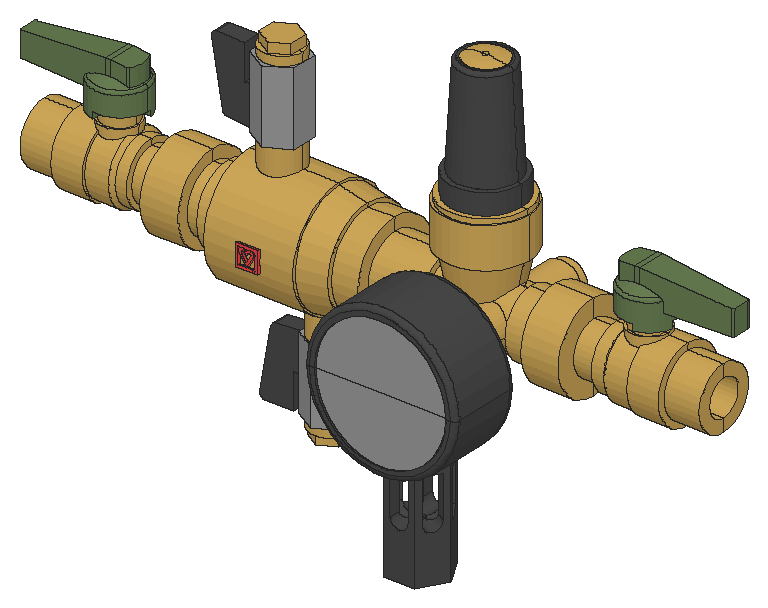
Revit family "HERZ System Separator Refilling Combination Type BA 0305", category Rohrzubehör, Revit 2019
Family settings
  Bemaßung runder Anschluss = Durchmesser verwenden
  Teiletyp = Unterbricht
  OmniClass-Nummer = 23.65.55.14
  OmniClass-Titel = Valves for Liquid Services
  Arbeitsebenenbasiert = Nein
  Immer vertikal = Ja
  Beim Laden mit Abzugskörper schneiden = Nein
  Gemeinsam genutzt = Nein
Parameters
  Note = "Pursuant to Article 33 of the REACH Regulation (EC No. 1907/2006), we are obliged to point out that the material lead is listed on the SVHC list and that all brass components manufactured in our products exceed 0.1% (w / w) lead (CAS: 7439-92-1 / EINECS: 231-100-4).\r\nSince lead is a component part of an alloy, actual exposure is not possible and therefore no additional information on safe use is necessary."
  Installation position = "horizontal"  # constant formula
  Factory pre-setting = 150000.0 Pa  # constant formula
  W02 = 80.00°  # constant formula
  W01 = 45.00°  # constant formula
  URL = "www.herzvalves.com"
  SC_NennweiteBerechnet = 0
  SC_Dimension = ""
  SCTWSEQ = "AW;SBT_TYP_AW=\"104\";2"
  SCTWCODE = "04;12;02"  # constant formula
  S08 = 65.000 mm  # constant formula
  S07 = 75.000 mm  # constant formula
  S06 = 27.000 mm  # constant formula
  S05 = 8.000 mm  # constant formula
  S04 = 20.000 mm  # constant formula
  S03 = 40.000 mm  # constant formula
  S02 [instance] = L17 + L18 + L19 + L20 + L21  # 74.900 mm
  S01 [instance] = D02 - 2.000 mm  # 13.200 mm
  R08 = 8.500 mm  # constant formula
  R07 = 31.000 mm  # constant formula
  R06 = 7.300 mm  # constant formula
  R05 = 6.500 mm  # constant formula
  R04 = 7.500 mm  # constant formula
  R03 = 8.500 mm  # constant formula
  R02 = 7.000 mm  # constant formula
  R01 = 8.000 mm  # constant formula
  Nennweite [instance] = 15.000 mm
  Medium = "Water"  # constant formula
  Max. permissible temperature (short-term) = 85 °C  # constant formula
  Max. operating temperature = 65 °C  # constant formula
  Max. operating pressure = 1000000.0 Pa  # constant formula
  L29 = 28.800 mm  # constant formula
  L28 = 85.300 mm  # constant formula
  L27 = 44.500 mm  # constant formula
  L26 = 48.500 mm  # constant formula
  L25 = 28.600 mm  # constant formula
  L24 = 10.100 mm  # constant formula
  L23 = 34.000 mm  # constant formula
  L22 = 22.000 mm  # constant formula
  L21 = 11.000 mm  # constant formula
  L20 = 12.000 mm  # constant formula
  L19 = 36.700 mm  # constant formula
  L18 = 8.700 mm  # constant formula
  L17 = 6.500 mm  # constant formula
  L16 = 70.500 mm  # constant formula
  L15 = 18.800 mm  # constant formula
  L14 = 30.000 mm  # constant formula
  L13 = 8.700 mm  # constant formula
  L12 = 4.800 mm  # constant formula
  L11 = 4.000 mm  # constant formula
  L10 = 23.300 mm  # constant formula
  L09 = 26.200 mm  # constant formula
  L08 = 15.500 mm  # constant formula
  L07 [instance] = size_lookup("0305_", "L7", 1.000 mm, Nennweite)  # 53.500 mm
  L06 [instance] = size_lookup("0305_", "L6", 1.000 mm, Nennweite)  # 30.700 mm
  L05 = 4.800 mm  # constant formula
  L04 = 10.000 mm  # constant formula
  L03 = 13.000 mm  # constant formula
  L02 [instance] = size_lookup("0305_", "L2", 1.000 mm, Nennweite)  # 14.600 mm
  L01 [instance] = size_lookup("0305_", "L1", 1.000 mm, Nennweite)  # 56.000 mm
  L00 [instance] = size_lookup("0305_", "L", 1.000 mm, Nennweite)  # 139.500 mm
  IG [instance] = Nennweite / 2  # 7.500 mm
  Hersteller = "HERZ Armaturen Ges.m.b.H."  # constant formula
  GT [instance] = size_lookup("0305_", "GT", 1.000 mm, Nennweite)  # 12.500 mm
  Sealing = "EPDM per KTW"  # constant formula
  D18 = 92.300 mm  # constant formula
  D17 = 66.500 mm  # constant formula
  D16 = 66.700 mm  # constant formula
  D15 = 12.200 mm  # constant formula
  D14 = 14.200 mm  # constant formula
  D13 = 19.200 mm  # constant formula
  D12 = 22.800 mm  # constant formula
  D11 = 23.700 mm  # constant formula
  D10 = 16.300 mm  # constant formula
  D09 = 13.500 mm  # constant formula
  D08 = 18.000 mm  # constant formula
  D07 = 22.000 mm  # constant formula
  D06 = 16.000 mm  # constant formula
  D05 = 10.600 mm  # constant formula
  D04 = 12.900 mm  # constant formula
  D03 = 14.400 mm  # constant formula
  D02 = 15.200 mm  # constant formula
  D01 [instance] = size_lookup("0305_", "D1", 1.000 mm, Nennweite)  # 12.600 mm
  Body = "brass, CW617N"  # constant formula
  Part number [instance] = if(Nennweite = 15.000 mm, "I030501", if(Nennweite = 20.000 mm, "I030502", "0"))  # "I030501"
  Output pressure = "0.5-3 bar"  # constant formula
  Application = "RPZ back flow preventers prevent the back-pressuring, back-flowing or back-suction of contaminated water into the drinking water network in accordance with EN 1717.\r\nApplication areas are all areas in which a connection is established between the drinking water network and industrial water through fixed or flexible lines.\r\nPreferred application fields are softening, de-acidification and de-carbonisation plants.\r\nFurthermore, the RPZ valves can also be used in disinfection plants or upstream of chemical cleaning apparatus, in order to prevent the back-flowing of chemically contaminated water."
Reference planes
  plane 1 "Mitte (Vorne/hinten)": y = 0
  plane 2: z = 0
  plane 3 "Mitte (Links/rechts)": x = 0
Forms (mm)
  Revolve 1, solid, material "Messing, weicher Gelbton, geschweißt", detail levels fine
    sketch origin (0, 0, 0) x (1, 0, 0) y (0, 0, 1)
      loop
        line (-127, 0) -> (-83.5, 0) -> (-83.5, 10.6) -> (-95.6, 10.6) -> (-95.6, 12.9) -> (-100.4, 12.9) -> (-101.9, 14.4) -> (-111.9, 14.4) -> (-111.9, 15.2) -> (-124.9, 15.2) -> (-124.9, 12.6) -> (-139.5, 12.6) -> (-139.5, 7.5) -> (-127, 7.5) -> (-127, 0)
      axis (-139.5, 0) -> (-83.5, 0)
    angle from 0 to 360
  Revolve 2, solid, material "Messing, weicher Gelbton, geschweißt", detail levels fine
    sketch origin (0, 0, 0) x (1, 0, 0) y (0, 0, 1)
      loop
        line (-100.8, 0) -> (-100.8, 16) -> (-101.8, 16) -> (-101.8, 22) -> (-108.8, 22) -> (-108.8, 0) -> (-100.8, 0)
      axis (-108.8, 22) -> (-108.8, 0)
    angle from 0 to 360
  Revolve 3, solid, material "Messing, weicher Gelbton, geschweißt", detail levels fine
    sketch origin (0, 0, 0) x (-1, 0, 0) y (0, 0, 1)
      loop
        line (-127, 0) -> (-83.5, 0) -> (-83.5, 10.6) -> (-95.6, 10.6) -> (-95.6, 12.9) -> (-100.4, 12.9) -> (-101.9, 14.4) -> (-111.9, 14.4) -> (-111.9, 15.2) -> (-124.9, 15.2) -> (-124.9, 12.6) -> (-139.5, 12.6) -> (-139.5, 7.5) -> (-127, 7.5) -> (-127, 0)
      axis (-139.5, 0) -> (-83.5, 0)
    angle from 0 to 360
  Revolve 4, solid, material "Messing, weicher Gelbton, geschweißt", detail levels fine
    sketch origin (0, 0, 0) x (-1, 0, 0) y (0, 0, 1)
      loop
        line (-100.8, 0) -> (-100.8, 16) -> (-101.8, 16) -> (-101.8, 22) -> (-108.8, 22) -> (-108.8, 0) -> (-100.8, 0)
      axis (-108.8, 22) -> (-108.8, 0)
    angle from 0 to 360
  Revolve 5, solid, material "Kunststoff GRÜN", detail levels fine
    sketch origin (-98.3, 0, 19.6) x (1, 0, 0) y (0, 0, 1)
      loop
        line (-10.5, 0) -> (0.9, 0) -> (0.9, 10.964)
        arc (0.9, 10.964) -> (0.673, 11.758) -> (0.059, 12.311) r 1.5
        line (0.059, 12.311) -> (-8.5, 16.5) -> (-10.5, 16.5) -> (-10.5, 0)
      axis (-10.5, 16.5) -> (-10.5, 0)
    angle from 0 to 360
  Extrusion 6, void
    sketch origin (-98.3, 0, 0) x (1, 0, 0) y (0, 1, 0)
      loop
        arc (-8.4, 11.205) -> (-18.561, 8.061) -> (-21.705, -2.1) r 11.4
        line (-21.705, -2.1) -> (-17.178, -2.1)
        arc (-17.178, -2.1) -> (-15.45, -4.95) -> (-12.6, -6.678) r 7
        line (-12.6, -6.678) -> (-12.6, -11.205)
        arc (-12.6, -11.205) -> (-2.439, -8.061) -> (0.705, 2.1) r 11.4
        line (0.705, 2.1) -> (-3.822, 2.1)
        arc (-3.822, 2.1) -> (-5.55, 4.95) -> (-8.4, 6.678) r 7
        line (-8.4, 6.678) -> (-8.4, 11.205)
    from 19.6 to 22.3
  Extrusion 7, solid, material "Kunststoff GRÜN", detail levels fine
    sketch origin (-98.3, 0, 0) x (1, 0, 0) y (0, 1, 0)
      loop
        line (-48.5, 3.242) -> (-48.5, -3.242)
        arc (-48.5, -3.242) -> (-48.281, -3.792) -> (-47.743, -4.041) r 0.8
        line (-47.743, -4.041) -> (-11.5, -5.987) -> (-9.5, -5.987) -> (-3.01, -5.535)
        arc (-3.01, -5.535) -> (-2.552, -5.387) -> (-2.216, -5.042) r 1
        arc (-2.216, -5.042) -> (-0.852, 0) -> (-2.216, 5.042) r 10
        arc (-2.216, 5.042) -> (-2.552, 5.387) -> (-3.01, 5.535) r 1
        line (-3.01, 5.535) -> (-9.5, 5.987) -> (-10.5, 5.987) -> (-11.5, 5.987) -> (-47.743, 4.041)
        arc (-47.743, 4.041) -> (-48.281, 3.792) -> (-48.5, 3.242) r 0.8
    from 26.6 to 40.1
  Extrusion 8, void
    sketch origin (-108.8, 0, 0) x (1, 0, 0) y (0, 0, 1)
      loop
        line (1, 40.1) -> (10.462, 39.272) -> (10.462, 41.682) -> (-40.279, 41.682) -> (-40.279, 36.664) -> (-1, 40.1) -> (0, 40.1) -> (1, 40.1)
    from 8 to -8
  Revolve 9, solid, material "Kunststoff GRÜN", detail levels fine
    sketch origin (98.3, 0, 19.6) x (-1, 0, 0) y (0, 0, -1)
      loop
        line (-10.5, 0) -> (-10.5, -16.5) -> (-8.5, -16.5) -> (0.059, -12.311)
        arc (0.059, -12.311) -> (0.673, -11.758) -> (0.9, -10.964) r 1.5
        line (0.9, -10.964) -> (0.9, 0) -> (-10.5, 0)
      axis (-10.5, -16.5) -> (-10.5, 0)
    angle from 0 to 360
  Extrusion 10, void
    sketch origin (98.3, 0, 0) x (-1, 0, 0) y (0, -1, 0)
      loop
        line (-8.4, -11.205) -> (-8.4, -6.678)
        arc (-8.4, -6.678) -> (-5.55, -4.95) -> (-3.822, -2.1) r 7
        line (-3.822, -2.1) -> (0.705, -2.1)
        arc (0.705, -2.1) -> (-2.439, 8.061) -> (-12.6, 11.205) r 11.4
        line (-12.6, 11.205) -> (-12.6, 6.678)
        arc (-12.6, 6.678) -> (-15.45, 4.95) -> (-17.178, 2.1) r 7
        line (-17.178, 2.1) -> (-21.705, 2.1)
        arc (-21.705, 2.1) -> (-18.561, -8.061) -> (-8.4, -11.205) r 11.4
    from 19.6 to 22.3
  Extrusion 11, solid, material "Kunststoff GRÜN", detail levels fine
    sketch origin (98.3, 0, 0) x (-1, 0, 0) y (0, -1, 0)
      loop
        arc (-48.5, -3.242) -> (-48.281, -3.792) -> (-47.743, -4.041) r 0.8
        line (-47.743, -4.041) -> (-11.5, -5.987) -> (-10.5, -5.987) -> (-9.5, -5.987) -> (-3.01, -5.535)
        arc (-3.01, -5.535) -> (-2.552, -5.387) -> (-2.216, -5.042) r 1
        arc (-2.216, -5.042) -> (-0.852, 0) -> (-2.216, 5.042) r 10
        arc (-2.216, 5.042) -> (-2.552, 5.387) -> (-3.01, 5.535) r 1
        line (-3.01, 5.535) -> (-9.5, 5.987) -> (-11.5, 5.987) -> (-47.743, 4.041)
        arc (-47.743, 4.041) -> (-48.281, 3.792) -> (-48.5, 3.242) r 0.8
        line (-48.5, 3.242) -> (-48.5, -3.242)
    from 26.6 to 40.1
  Extrusion 12, void
    sketch origin (108.8, 0, 0) x (-1, 0, 0) y (0, 0, -1)
      loop
        line (1, -40.1) -> (0, -40.1) -> (-1, -40.1) -> (-40.279, -36.664) -> (-40.279, -41.682) -> (10.462, -41.682) -> (10.462, -39.272) -> (1, -40.1)
    from 8 to -8
  Revolve 13, solid, material "Messing, weicher Gelbton, geschweißt", detail levels fine
    sketch origin (0, 0, 0) x (1, 0, 0) y (0, 0, 1)
      loop
        line (-86, 0) -> (-70.5, 0) -> (-70.5, 18) -> (-86, 18) -> (-86, 0)
      axis (-86, 0) -> (-70.5, 0)
    angle from 0 to 360
  Revolve 14, solid, material "Messing, weicher Gelbton, geschweißt", detail levels fine
    sketch origin (0, 0, 0) x (-1, 0, 0) y (0, 0, 1)
      loop
        line (-86, 0) -> (-70.5, 0) -> (-70.5, 18) -> (-86, 18) -> (-86, 0)
      axis (-86, 0) -> (-70.5, 0)
    angle from 0 to 360
  Revolve 15, solid, material "Messing, weicher Gelbton, geschweißt", detail levels fine
    sketch origin (0, 0, 0) x (1, 0, 0) y (0, 1, 0)
      loop
        line (59.2, 26.2) -> (59.2, 30.2) -> (51.7, 30.2) -> (51.7, -28.1) -> (58.2, -28.1) -> (58.2, -23.3) -> (60.2, -23.3) -> (60.2, 26.2) -> (59.2, 26.2)
      axis (51.7, 30.2) -> (51.7, -28.1)
    angle from 0 to 360
  Revolve 16, solid, material "Kunststoff - SCHWARZ", detail levels fine
    sketch origin (0, 0, 0) x (1, 0, 0) y (0, 1, 0)
      loop
        line (51.7, -28.1) -> (51.7, -64.8) -> (78.7, -64.8) -> (78.7, -66.8) -> (80.7, -66.8)
        arc (80.7, -66.8) -> (82.114, -66.214) -> (82.7, -64.8) r 2
        line (82.7, -64.8) -> (82.7, -38.8)
        arc (82.7, -38.8) -> (82.114, -37.386) -> (80.7, -36.8) r 2
        line (80.7, -36.8) -> (59, -36.8) -> (59, -28.1) -> (51.7, -28.1)
      axis (51.7, -28.1) -> (51.7, -66.8)
    angle from 0 to 360
  Revolve 17, solid, material "Messing, weicher Gelbton, geschweißt", detail levels fine
    sketch origin (0, 0, 0) x (1, 0, 0) y (0, 0, 1)
      loop
        line (-70.5, 0) -> (70.5, 0) -> (70.5, 13.5) -> (60.4, 13.5) -> (60.4, 12.2) -> (26.4, 12.2) -> (26.4, 14.2) -> (4.4, 14.2) -> (4.4, 19.2) -> (-6.6, 19.2) -> (-6.6, 20.684) -> (-18.6, 22.8) -> (-18.6, 23.7) -> (-55.3, 23.7) -> (-55.3, 16.3) -> (-64, 16.3) -> (-64, 13.5) -> (-70.5, 13.5) -> (-70.5, 0)
      axis (-70.5, 0) -> (70.5, 0)
    angle from 0 to 360
  Revolve 18, solid, material "Messing, weicher Gelbton, geschweißt", detail levels fine
    sketch origin (0, 0, 0) x (1, 0, 0) y (0, 0, 1)
      loop
        line (-41.9, 0) -> (-33.4, 0) -> (-33.4, 66.7) -> (-41.9, 66.7) -> (-41.9, 0)
      axis (-41.9, 0) -> (-41.9, 66.7)
    angle from 0 to 360
  Revolve 19, solid, material "Messing, weicher Gelbton, geschweißt", detail levels fine
    sketch origin (0, 0, 0) x (1, 0, 0) y (0, 0, -1)
      loop
        line (-22, 0) -> (-13.5, 0) -> (-13.5, 66.7) -> (-22, 66.7) -> (-22, 0)
      axis (-22, 0) -> (-22, 66.7)
    angle from 0 to 360
  Extrusion 20, solid, material "Messing, weicher Gelbton, geschweißt", detail levels fine
    sketch origin (0, 0, 0) x (1, 0, 0) y (0, 1, 0)
      loop
        line (-41.9, 7.5) -> (-48.395, 3.75) -> (-48.395, -3.75) -> (-41.9, -7.5) -> (-35.405, -3.75) -> (-35.405, 3.75) -> (-41.9, 7.5)
    from 66.7 <- "D16" to 70.7
  Extrusion 21, solid, material "Messing, weicher Gelbton, geschweißt", detail levels fine
    sketch origin (0, 0, 0) x (1, 0, 0) y (0, 1, 0)
      loop
        line (-22, 7.5) -> (-28.495, 3.75) -> (-28.495, -3.75) -> (-22, -7.5) -> (-15.505, -3.75) -> (-15.505, 3.75) -> (-22, 7.5)
    from -70.7 to -66.7
  Extrusion 22, solid, material "Aluminium 3003-H16", detail levels fine
    sketch origin (0, 0, 0) x (1, 0, 0) y (0, 1, 0)
      loop
        line (-41.9, 10.5) -> (-50.993, 5.25) -> (-50.993, -5.25) -> (-41.9, -10.5) -> (-32.807, -5.25) -> (-32.807, 5.25) -> (-41.9, 10.5)
    from 33.3 to 63.3
  Extrusion 23, solid, material "Aluminium 3003-H16", detail levels fine
    sketch origin (0, 0, 0) x (1, 0, 0) y (0, 1, 0)
      loop
        line (-22, 10.5) -> (-31.093, 5.25) -> (-31.093, -5.25) -> (-22, -10.5) -> (-12.907, -5.25) -> (-12.907, 5.25) -> (-22, 10.5)
    from -63.3 to -33.3
  Extrusion 24, solid, material "Kunststoff - SCHWARZ", detail levels fine
    sketch origin (0, 0, 0) x (1, 0, 0) y (0, 0, 1)
      loop
        line (-31.093, -33.8) -> (-41.854, -34.675)
        arc (-41.854, -34.675) -> (-43.039, -35.189) -> (-43.662, -36.321) r 2
        line (-43.662, -36.321) -> (-48.186, -61.952)
        arc (-48.186, -61.952) -> (-47.748, -63.585) -> (-46.216, -64.3) r 2
        line (-46.216, -64.3) -> (-34.4, -64.3) -> (-34.4, -49.8) -> (-22, -49.8) -> (-22, -33.8) -> (-31.093, -33.8)
    from -3.5 to 3.5
  Extrusion 25, solid, material "Kunststoff - SCHWARZ", detail levels fine
    sketch origin (-20, 0, 0) x (1, 0, 0) y (0, 0, 1)
      loop
        line (-31.093, 33.8) -> (-22, 33.8) -> (-22, 49.8) -> (-34.4, 49.8) -> (-34.4, 64.3) -> (-46.216, 64.3)
        arc (-46.216, 64.3) -> (-47.748, 63.585) -> (-48.186, 61.952) r 2
        line (-48.186, 61.952) -> (-43.662, 36.321)
        arc (-43.662, 36.321) -> (-43.039, 35.189) -> (-41.854, 34.675) r 2
        line (-41.854, 34.675) -> (-31.093, 33.8)
    from -3.5 to 3.5
  Revolve 26, solid, material "Messing, weicher Gelbton, geschweißt", detail levels fine
    sketch origin (0, 0, 0) x (1, 0, 0) y (0, 0, 1)
      loop
        line (-26, 0) -> (9.709, -35.709) -> (14.517, -30.901) -> (13.103, -29.486) -> (14.164, -28.426) -> (11.335, -25.597) -> (12.042, -24.89) -> (-19.424, 6.576) -> (-26, 0)
      axis (-26, 0) -> (9.709, -35.709)
    angle from 0 to 360
  Revolve 27, solid, material "Messing, weicher Gelbton, geschweißt", detail levels fine
    sketch origin (0, 0, 0) x (1, 0, 0) y (0, 0, 1)
      loop
        line (14.8, -48) -> (14.8, -66.5) -> (21.3, -66.5) -> (21.3, -65.5) -> (24.6, -65.5) -> (24.6, -54) -> (23.1, -54) -> (23.1, -50) -> (21.6, -50) -> (21.6, -48) -> (14.8, -48)
      axis (14.8, -48) -> (14.8, -66.5)
    angle from 0 to 360
  SweptBlend 28, solid, material "Messing, weicher Gelbton, geschweißt", detail levels fine
    path origin (0, 0, 0) x (1, 0, 0) y (0, 0, 1)
      loop
        arc (14.8, -48) -> (13.5, -41.338) -> (9.709, -35.709) r 17.079
    profile origin (14.8, 0, -48) x (-0.999973, 0, 0.007372) y (0, -1, 0)
      loop
        circle (0, 0) r 6.8
    end profile origin (9.709, 0, -35.709) x (-0.701878, 0, -0.712297) y (0, -1, 0)
      loop
        circle (0, 0) r 6.8
  Extrusion 29, solid, material "Kunststoff - SCHWARZ", detail levels fine
    sketch origin (1.983, -7.4, 0) x (0.866025, 0.5, 0) y (-0.5, 0.866025, 0)
      loop
        line (14.8, 12.5) -> (3.975, 6.25) -> (3.975, -6.25) -> (14.8, -12.5) -> (25.625, -6.25) -> (25.625, 6.25) -> (14.8, 12.5)
    from -107 to -58
  Extrusion 30, void
    sketch origin (0, 0, 0) x (1, 0, 0) y (0, 0, 1)
      loop
        line (11.05, -66.5) -> (11.05, -84.05)
        arc (11.05, -84.05) -> (14.8, -87.8) -> (18.55, -84.05) r 3.75
        line (18.55, -84.05) -> (18.55, -66.5) -> (11.05, -66.5)
    from 1 to 12
  Extrusion 31, void
    sketch origin (22.2, 12.817, 0) x (-0.5, -0.866025, 0) y (0, 0, -1)
      loop
        line (11.05, 66.5) -> (18.55, 66.5) -> (18.55, 84.05)
        arc (18.55, 84.05) -> (14.8, 87.8) -> (11.05, 84.05) r 3.75
        line (11.05, 84.05) -> (11.05, 66.5)
    from -12 to -1
  Extrusion 32, void
    sketch origin (22.2, -12.817, 0) x (-0.5, 0.866025, 0) y (0, 0, 1)
      loop
        line (11.05, -66.5) -> (11.05, -84.05)
        arc (11.05, -84.05) -> (14.8, -87.8) -> (18.55, -84.05) r 3.75
        line (18.55, -84.05) -> (18.55, -66.5) -> (11.05, -66.5)
    from -12 to -1
  Extrusion 33, void
    sketch origin (0, 0, 0) x (1, 0, 0) y (0, 0, 1)
      loop
        line (11.05, -66.5) -> (11.05, -84.05)
        arc (11.05, -84.05) -> (14.8, -87.8) -> (18.55, -84.05) r 3.75
        line (18.55, -84.05) -> (18.55, -66.5) -> (11.05, -66.5)
    from -12 to -1
  Extrusion 34, void
    sketch origin (22.2, -12.817, 0) x (-0.5, 0.866025, 0) y (0, 0, -1)
      loop
        line (11.05, 66.5) -> (18.55, 66.5) -> (18.55, 84.05)
        arc (18.55, 84.05) -> (14.8, 87.8) -> (11.05, 84.05) r 3.75
        line (11.05, 84.05) -> (11.05, 66.5)
    from -12 to -1
  Extrusion 35, void
    sketch origin (22.2, 12.817, 0) x (-0.5, -0.866025, 0) y (0, 0, 1)
      loop
        line (11.05, -66.5) -> (11.05, -84.05)
        arc (11.05, -84.05) -> (14.8, -87.8) -> (18.55, -84.05) r 3.75
        line (18.55, -84.05) -> (18.55, -66.5) -> (11.05, -66.5)
    from -12 to -1
  Extrusion 36, void
    sketch origin (0, 0, 0) x (1, 0, 0) y (0, 1, 0)
      loop
        circle (14.8, 0) r 2
    from -88.4 to -66.5
  Revolve 37, solid, material "Messing, weicher Gelbton, geschweißt", detail levels fine
    sketch origin (0, 0, 0) x (1, 0, 0) y (0, 0, 1)
      loop
        line (41.7, 0) -> (52.967, 0) -> (57.7, 22.6) -> (59.7, 22.6) -> (59.7, 39.2) -> (58.9, 39.2) -> (58.9, 41.2) -> (41.7, 41.2) -> (41.7, 0)
      axis (41.7, 41.2) -> (41.7, 0)
    angle from 0 to 360
  Revolve 38, solid, material "Kunststoff - SCHWARZ", detail levels fine
    sketch origin (0, 0, 0) x (1, 0, 0) y (0, 0, 1)
      loop
        line (41.7, 41.2) -> (56.7, 41.2) -> (56.7, 49.7) -> (54.7, 49.7) -> (52.769, 89.772)
        arc (52.769, 89.772) -> (52.305, 90.786) -> (51.271, 91.2) r 1.5
        line (51.271, 91.2) -> (41.7, 91.2) -> (41.7, 41.2)
      axis (41.7, 91.2) -> (41.7, 41.2)
    angle from 0 to 360
  Revolve 39, solid, material "Messing, weicher Gelbton, geschweißt", detail levels fine
    sketch origin (0, 0, 0) x (1, 0, 0) y (0, 0, 1)
      loop
        line (41.7, 90.224) -> (50.2, 90.224) -> (50.2, 91.262)
        arc (50.2, 91.262) -> (46.695, 92.029) -> (43.118, 92.3) r 25.716
        line (43.118, 92.3) -> (41.7, 92.3) -> (41.7, 90.224)
      axis (41.7, 92.3) -> (41.7, 90.224)
    angle from 0 to 360
  Revolve 40, solid, material "Acetalharz, Weiß", detail levels fine
    sketch origin (0, 0, 0) x (1, 0, 0) y (0, 1, 0)
      loop
        line (51.7, -64.8) -> (51.7, -66.3) -> (78.7, -66.3) -> (78.7, -64.8) -> (51.7, -64.8)
      axis (51.7, -66.3) -> (51.7, -64.8)
    angle from 0 to 360
Cuts and joins
  Extrusion 6, Extrusion 10 cuts Revolve 5
  Extrusion 8, Extrusion 12 cuts Extrusion 7
  Extrusion 10 cuts Revolve 2
  Extrusion 10 cuts Revolve 9
  Extrusion 12 cuts Extrusion 11
  Extrusion 30, Extrusion 31, Extrusion 32, Extrusion 33, Extrusion 34, Extrusion 35, Extrusion 36 cuts Revolve 27
  Extrusion 30, Extrusion 31, Extrusion 32, Extrusion 33, Extrusion 34, Extrusion 35, Extrusion 36 cuts Extrusion 29
Lines and regions (mm)
  model lines
    curve 1: line (-70.5, 0, 0) -> (4.4, 0, 0)
  model lines, detail levels coarse+medium
    curve 2: line (-139.5, 0, 15.2) -> (-139.5, 0, -15.2)
    curve 3: line (-139.5, 0, -15.2) -> (-83.5, 0, 15.2)
    curve 4: line (-83.5, 0, 15.2) -> (-83.5, 0, -15.2)
    curve 5: line (-83.5, 0, -15.2) -> (-139.5, 0, 15.2)
    curve 6: circle (-111.5, 0, 0) r 13.2 normal (0, -1, 0)
    curve 7: line (139.5, 0, 15.2) -> (139.5, 0, -15.2)
    curve 8: line (139.5, 0, -15.2) -> (83.5, 0, 15.2)
    curve 9: line (83.5, 0, 15.2) -> (83.5, 0, -15.2)
    curve 10: line (83.5, 0, -15.2) -> (139.5, 0, 15.2)
    curve 11: circle (111.5, 0, 0) r 13.2 normal (0, 1, 0)
    curve 12: line (-70.5, 0, 23.7) -> (4.4, 0, 23.7)
    curve 13: line (-70.5, 0, -23.7) -> (-70.5, 0, 23.7)
    curve 14: line (4.4, 0, -23.7) -> (-70.5, 0, -23.7)
    curve 15: line (4.4, 0, 23.7) -> (4.4, 0, -23.7)
    curve 16: line (-83.5, 0, 0) -> (-70.5, 0, 0)
    curve 17: line (-70.5, 0, 15.7) -> (-30.5, 0, 15.7)
    curve 18: line (-15.6, 0, 15.7) -> (4.4, 0, 15.7)
    curve 19: line (-70.5, 0, -15.7) -> (-30.5, 0, -15.7)
    curve 20: line (-15.6, 0, -15.7) -> (4.4, 0, -15.7)
    curve 21: line (4.4, 0, 0) -> (83.5, 0, 0)
    curve 22: circle (51.592, 0, 47) r 27 normal (0, -1, 0)
    curve 23: line (35.682, 0, 31.09) -> (67.502, 0, 62.91)
    curve 24: line (67.502, 0, 62.91) -> (67.502, 0, 52.91)
    curve 25: line (67.502, 0, 62.91) -> (57.502, 0, 62.91)
    curve 26: line (51.592, 0, 20) -> (51.592, 0, 0)
    curve 27: line (4.4, 0, -23.7) -> (4.4, 0, -75)
    curve 28: line (-8.1, 0, -65) -> (16.9, 0, -65)
    curve 29: line (-139.5, 15.2, 0) -> (-139.5, -15.2, 0)
    curve 30: line (-139.5, -15.2, 0) -> (-83.5, 15.2, 0)
    curve 31: line (-83.5, 15.2, 0) -> (-83.5, -15.2, 0)
    curve 32: line (-83.5, -15.2, 0) -> (-139.5, 15.2, 0)
    curve 33: circle (-111.5, 0, 0) r 13.2 normal (0, 0, 1)
    curve 34: line (139.5, 15.2, 0) -> (139.5, -15.2, 0)
    curve 35: line (139.5, -15.2, 0) -> (83.5, 15.2, 0)
    curve 36: line (83.5, 15.2, 0) -> (83.5, -15.2, 0)
    curve 37: line (83.5, -15.2, 0) -> (139.5, 15.2, 0)
    curve 38: circle (111.5, 0, 0) r 13.2 normal (0, 0, -1)
    curve 39: circle (41.3, 36.063, 0) r 27 normal (0, 0, 1)
    curve 40: line (25.39, 20.154, 0) -> (57.21, 51.973, 0)
    curve 41: line (57.21, 51.973, 0) -> (57.21, 41.973, 0)
    curve 42: line (57.21, 51.973, 0) -> (47.21, 51.973, 0)
    curve 43: line (41.3, 9.063, 0) -> (41.3, 0, 0)
    curve 44: line (-70.5, 23.7, 0) -> (4.4, 23.7, 0)
    curve 45: line (-70.5, -23.7, 0) -> (-70.5, 23.7, 0)
    curve 46: line (4.4, -23.7, 0) -> (-70.5, -23.7, 0)
    curve 47: line (4.4, 23.7, 0) -> (4.4, -23.7, 0)
    curve 48: line (-70.5, 15.7, 0) -> (-30.5, 15.7, 0)
    curve 49: line (4.4, 15.7, 0) -> (-15.6, 15.7, 0)
    curve 50: line (-70.5, -15.7, 0) -> (-30.5, -15.7, 0)
    curve 51: line (4.4, -15.7, 0) -> (-15.6, -15.7, 0)
    curve 52: line (4.4, -23.7, 0) -> (4.4, -75, 0)
    curve 53: line (-8.1, -65, 0) -> (16.9, -65, 0)
Dimensions and locks
  "IG": Revolve 1 sketch curve to plane 2
  "L01": Revolve 1 sketch curve to Revolve 1 sketch curve
  "L02": Revolve 1 sketch curve to Revolve 1 sketch curve
  "L03": Revolve 1 sketch curve to Revolve 1 sketch curve
  "L04": Revolve 1 sketch curve to Revolve 1 sketch curve
  "L05": Revolve 1 sketch curve to Revolve 1 sketch curve
  "D01": Revolve 1 sketch curve to plane 2
  "D02": Revolve 1 sketch curve to Revolve 1 sketch curve
  "D03": Revolve 1 sketch curve to plane 2
  "D04": Revolve 1 sketch curve to plane 2
  "D05": Revolve 1 sketch curve to plane 2
  "R01": Revolve 2 sketch curve to Revolve 2 sketch curve
  "L06": Revolve 1 to Revolve 2 sketch curve
  "D06": Revolve 2 sketch curve to plane 2
  "R02": Revolve 2 sketch curve to Revolve 2 sketch curve
  "D07": Revolve 2 sketch curve to plane 2
  "L00": plane 3 "Mitte (Links/rechts)" to Revolve 1 sketch curve
  "L01": Revolve 3 sketch curve to Revolve 3 sketch curve
  "L02": Revolve 3 sketch curve to Revolve 3 sketch curve
  "L03": Revolve 3 sketch curve to Revolve 3 sketch curve
  "L04": Revolve 3 sketch curve to Revolve 3 sketch curve
  "L05": Revolve 3 sketch curve to Revolve 3 sketch curve
  "D02": Revolve 3 sketch curve to Revolve 3 sketch curve
  "R01": Revolve 4 sketch curve to Revolve 4 sketch curve
  "L06": Revolve 3 to Revolve 4 sketch curve
  "R02": Revolve 4 sketch curve to Revolve 4 sketch curve
  "L00": plane 3 "Mitte (Links/rechts)" to Revolve 3 sketch curve
  "L06": Revolve 5 sketch curve to Revolve 1
  cut or joined group of Revolve 5, Extrusion 6, Extrusion 10 to plane 2 = 22.300 mm
  Extrusion 10 to plane 2 = 22.300 mm
  "L06": Revolve 9 sketch curve to Revolve 3
  "L07": Revolve 13 sketch curve to Revolve 1
  "L08": Revolve 13 sketch curve to Revolve 13 sketch curve
  "D08": Revolve 13 sketch curve to plane 2
  "L08": Revolve 14 sketch curve to Revolve 14 sketch curve
  "L07": Revolve 14 sketch curve to Revolve 3
  "D08": Revolve 14 sketch curve to plane 2
  "IG": Revolve 3 sketch curve to plane 2
  "D01": Revolve 3 sketch curve to plane 2
  "D05": Revolve 3 sketch curve to plane 2
  "D04": Revolve 3 sketch curve to plane 2
  "D03": Revolve 3 sketch curve to plane 2
  "D06": Revolve 4 sketch curve to plane 2
  "D07": Revolve 4 sketch curve to plane 2
  "L06": Extrusion 11 sketch curve to Revolve 3
  "L06": Revolve 1 to Extrusion 7 sketch curve
  cut or joined group of Extrusion 7, Extrusion 8, Extrusion 12 to Extrusion 7 sketch curve = 38.000 mm
  Extrusion 11 sketch curve to cut or joined group of Extrusion 11, Extrusion 12 = 38.000 mm
  "L06": Revolve 1 to Extrusion 8 sketch curve
  "L06": Extrusion 12 sketch curve to Revolve 3
  "R03": Revolve 15 sketch curve to Revolve 15 sketch curve
  "L09": plane 1 "Mitte (Vorne/hinten)" to Revolve 15 sketch curve
  "L10": Revolve 15 sketch curve to plane 1 "Mitte (Vorne/hinten)"
  "R04": Revolve 15 sketch curve to Revolve 15 sketch curve
  "L11": Revolve 15 sketch curve to Revolve 15 sketch curve
  "R05": Revolve 15 sketch curve to Revolve 15 sketch curve
  "L15": Revolve 15 sketch curve to Revolve 14
  "L12": Revolve 15 sketch curve to Revolve 15 sketch curve
  "R06": Revolve 15 sketch curve to Revolve 16 sketch curve
  "L13": Revolve 16 sketch curve to Revolve 16 sketch curve
  "R07": Revolve 15 sketch curve to Revolve 16 sketch curve
  "L14": Revolve 16 sketch curve to Revolve 16 sketch curve
  "R07": Revolve 16 sketch curve to Revolve 16 sketch curve
  Revolve 16 sketch curve to Revolve 16 sketch curve = 7.300 mm
  "GT": Revolve 1 sketch curve to Revolve 1 sketch curve
  "GT": Revolve 3 sketch curve to Revolve 3 sketch curve
  "L16": plane 3 "Mitte (Links/rechts)" to Revolve 17 sketch curve
  "L17": Revolve 17 sketch curve to Revolve 17 sketch curve
  "L18": Revolve 17 sketch curve to Revolve 17 sketch curve
  "L19": Revolve 17 sketch curve to Revolve 17 sketch curve
  "L20": Revolve 17 sketch curve to Revolve 17 sketch curve
  "L21": Revolve 17 sketch curve to Revolve 17 sketch curve
  "L22": Revolve 17 sketch curve to Revolve 17 sketch curve
  "L23": Revolve 17 sketch curve to Revolve 17 sketch curve
  "L24": Revolve 17 sketch curve to Revolve 17 sketch curve
  "D09": Revolve 17 sketch curve to plane 2  (x2)
  "D10": Revolve 17 sketch curve to plane 2
  "D11": Revolve 17 sketch curve to plane 2
  "D15": Revolve 17 sketch curve to plane 2
  "D14": Revolve 17 sketch curve to plane 2
  "D13": Revolve 17 sketch curve to plane 2
  "D12": Revolve 17 sketch curve to plane 2
  "L06": Revolve 1 to Extrusion 6 sketch curve
  "L06": Extrusion 10 sketch curve to Revolve 3
  "L25": Revolve 13 to Revolve 18 sketch curve
  "R08": Revolve 18 sketch curve to Revolve 18 sketch curve
  "D16": Revolve 18 sketch curve to plane 2
  "R08": Revolve 19 sketch curve to Revolve 19 sketch curve
  "L26": Revolve 13 to Revolve 19 sketch curve
  "D16": plane 2 to Revolve 19 sketch curve
  "L25": Revolve 13 to Extrusion 20 sketch curve
  "L26": Revolve 13 to Extrusion 21 sketch curve
  "L25": Revolve 13 to Extrusion 22 sketch curve
  "L26": Revolve 13 to Extrusion 23 sketch curve
  "L27": Revolve 13 to Revolve 26 sketch curve
  "L28": Revolve 13 to Revolve 27 sketch curve
  "L29": Revolve 37 sketch curve to Revolve 14
  "D18": Revolve 39 sketch curve to plane 2
  Revolve 37 sketch curve to Revolve 37 sketch curve = 11.267 mm
  "D11": nested 1 to plane 1 "Mitte (Vorne/hinten)"
  "D02": curve 5 to plane 2 to curve 3
  "D02": curve 4 to plane 2 to curve 5
  "L00": plane 3 "Mitte (Links/rechts)" to curve 2
  "L01": curve 2 to curve 4
  "D02": curve 10 to plane 2 to curve 8
  "D02": curve 9 to plane 2 to curve 10
  "L00": curve 7 to plane 3 "Mitte (Links/rechts)"
  "L01": curve 9 to curve 7
  "L16": plane 3 "Mitte (Links/rechts)" to curve 13
  "S02": curve 15 to curve 13
  "D11": curve 12 to plane 2 to curve 14
  "S05": curve 19 to curve 14
  "S05": curve 12 to curve 17
  "S05": curve 12 to curve 18
  "S05": curve 20 to curve 14
  "S04": curve 18 to curve 15
  "S03": curve 17 to curve 13
  "S03": curve 19 to curve 13
  "S04": curve 20 to curve 15
  "S07": plane 2 to curve 27
  "S08": plane 2 to curve 28
  "L00": curve 29 to plane 3 "Mitte (Links/rechts)"
  "L01": curve 29 to curve 31
  "D02": curve 30 to plane 1 "Mitte (Vorne/hinten)" to curve 32
  "D02": curve 32 to plane 1 "Mitte (Vorne/hinten)" to curve 31
  equal spacing: curve 29, curve 33, curve 31
  equal spacing: curve 2, curve 6, curve 4
  equal spacing: curve 9, curve 11, curve 7
  "L01": curve 34 to curve 36
  "D02": curve 35 to plane 1 "Mitte (Vorne/hinten)" to curve 37
  "D02": curve 37 to plane 1 "Mitte (Vorne/hinten)" to curve 36
  equal spacing: curve 34, curve 38, curve 36
  "L00": plane 3 "Mitte (Links/rechts)" to curve 34
  "L16": curve 45 to plane 3 "Mitte (Links/rechts)"
  "S02": curve 45 to curve 47
  "D11": curve 46 to plane 1 "Mitte (Vorne/hinten)" to curve 44
  "S05": curve 48 to curve 44
  "S05": curve 44 to curve 49
  "S05": curve 51 to curve 46
  "S05": curve 46 to curve 50
  "S03": curve 45 to curve 48
  "S04": curve 49 to curve 47
  "S04": curve 51 to curve 47
  "S03": curve 45 to curve 50
  "S07": curve 52 to plane 1 "Mitte (Vorne/hinten)"
  "S08": curve 53 to plane 1 "Mitte (Vorne/hinten)"
  radius of cut or joined group of Extrusion 7, Extrusion 8, Extrusion 12 = 10.000 mm
  radius of cut or joined group of Extrusion 11, Extrusion 12 = 10.000 mm
  "S01": radius of curve 6
  "S01": radius of curve 11
  "S06": radius of curve 22
  "S01": radius of curve 33
  "S01": radius of curve 38
  "S06": radius of curve 39
  "W01": angle Revolve 1 sketch curve to Revolve 1 sketch curve
  "W01": angle Revolve 3 sketch curve to Revolve 3 sketch curve
  "W02": angle Revolve 17 sketch curve to Revolve 17 sketch curve
  "W01": angle Revolve 26 sketch curve to plane 2
  "W01": angle curve 23 to curve 24
  "W01": angle curve 25 to curve 23
  "W01": angle curve 40 to curve 41
  "W01": angle curve 42 to curve 40
  aligned and locked: level to plane 2
Automatic sketch dimensions
  Extrusion 24 sketch curve to plane 3 "Mitte (Links/rechts)" = 48.186 mm
  Extrusion 24 sketch curve to Extrusion 24 sketch curve = 1.970 mm  (x2)
  Extrusion 24 sketch curve to Extrusion 24 sketch curve = 4.524 mm
  Extrusion 24 sketch curve to Extrusion 24 sketch curve = 1.807 mm
  Extrusion 24 sketch curve to Extrusion 24 sketch curve = 7.292 mm
  Extrusion 24 sketch curve to Extrusion 24 sketch curve = 10.761 mm
  Extrusion 24 sketch curve to Extrusion 24 sketch curve = 12.400 mm
  Extrusion 24 sketch curve to level = 64.300 mm
  Extrusion 24 sketch curve to Extrusion 24 sketch curve = 2.000 mm
  Extrusion 24 sketch curve to Extrusion 24 sketch curve = 14.500 mm
  Extrusion 24 sketch curve to Extrusion 24 sketch curve = 13.132 mm
  Extrusion 24 sketch curve to Extrusion 24 sketch curve = 0.348 mm
  Extrusion 24 sketch curve to Extrusion 24 sketch curve = 0.875 mm
  plane 3 "Mitte (Links/rechts)" to Extrusion 25 sketch curve = 68.186 mm
  Extrusion 25 sketch curve to Extrusion 25 sketch curve = 1.970 mm  (x2)
  Extrusion 25 sketch curve to Extrusion 25 sketch curve = 4.524 mm
  Extrusion 25 sketch curve to level = 34.675 mm
  Extrusion 25 sketch curve to Extrusion 25 sketch curve = 1.807 mm
  Extrusion 25 sketch curve to Extrusion 25 sketch curve = 7.292 mm
  Extrusion 25 sketch curve to Extrusion 25 sketch curve = 10.761 mm
  Extrusion 25 sketch curve to Extrusion 25 sketch curve = 12.400 mm
  Extrusion 25 sketch curve to Extrusion 25 sketch curve = 1.646 mm
  Extrusion 25 sketch curve to Extrusion 25 sketch curve = 13.132 mm
  Extrusion 25 sketch curve to Extrusion 25 sketch curve = 12.152 mm
  Extrusion 25 sketch curve to Extrusion 25 sketch curve = 0.348 mm
  Extrusion 25 sketch curve to Extrusion 25 sketch curve = 0.875 mm
  SweptBlend 28 sketch curve to plane 3 "Mitte (Links/rechts)" = 2.278 mm
  SweptBlend 28 sketch curve to level = 47.874 mm
  plane 3 "Mitte (Links/rechts)" to SweptBlend 28 sketch curve = 9.709 mm
  SweptBlend 28 sketch curve to SweptBlend 28 sketch curve = 5.091 mm
  SweptBlend 28 sketch curve to SweptBlend 28 sketch curve = 0.126 mm
  plane 1 "Mitte (Vorne/hinten)" to SweptBlend 28 sketch curve = 0.000 mm  (x2)
  SweptBlend 28 sketch curve to profile plane = 0.000 mm  (x2)
  plane 1 "Mitte (Vorne/hinten)" to Extrusion 29 sketch curve = 0.000 mm  (x2)
  plane 3 "Mitte (Links/rechts)" to Extrusion 29 sketch curve = 2.300 mm
  Extrusion 29 sketch curve to Extrusion 29 sketch curve = 10.825 mm  (x3)
  Extrusion 29 sketch curve to Extrusion 29 sketch curve = 12.500 mm  (x2)
  Extrusion 29 sketch curve to Extrusion 29 sketch curve = 6.250 mm  (x2)
  plane 3 "Mitte (Links/rechts)" to Extrusion 30 sketch curve = 11.050 mm
  Extrusion 30 sketch curve to Extrusion 30 sketch curve = 3.750 mm
  Extrusion 30 sketch curve to level = 84.050 mm
  Extrusion 30 sketch curve to Extrusion 30 sketch curve = 17.550 mm
  Extrusion 30 sketch curve to Extrusion 30 sketch curve = 0.000 mm
  Extrusion 31 sketch curve to level = 66.500 mm
  Extrusion 31 sketch curve to Extrusion 31 sketch curve = 3.750 mm
  Extrusion 31 sketch curve to Extrusion 31 sketch curve = 17.550 mm
  Extrusion 31 sketch curve to Extrusion 31 sketch curve = 0.000 mm
  Extrusion 32 sketch curve to level = 66.500 mm
  Extrusion 32 sketch curve to Extrusion 32 sketch curve = 3.750 mm
  Extrusion 32 sketch curve to Extrusion 32 sketch curve = 17.550 mm
  Extrusion 32 sketch curve to Extrusion 32 sketch curve = 0.000 mm
  plane 3 "Mitte (Links/rechts)" to Extrusion 33 sketch curve = 11.050 mm
  Extrusion 33 sketch curve to Extrusion 33 sketch curve = 3.750 mm
  Extrusion 33 sketch curve to level = 84.050 mm
  Extrusion 33 sketch curve to Extrusion 33 sketch curve = 17.550 mm
  Extrusion 33 sketch curve to Extrusion 33 sketch curve = 0.000 mm
  Extrusion 34 sketch curve to level = 66.500 mm
  Extrusion 34 sketch curve to Extrusion 34 sketch curve = 3.750 mm
  Extrusion 34 sketch curve to Extrusion 34 sketch curve = 17.550 mm
  Extrusion 34 sketch curve to Extrusion 34 sketch curve = 0.000 mm
  Extrusion 35 sketch curve to level = 66.500 mm
  Extrusion 35 sketch curve to Extrusion 35 sketch curve = 3.750 mm
  Extrusion 35 sketch curve to Extrusion 35 sketch curve = 17.550 mm
  Extrusion 35 sketch curve to Extrusion 35 sketch curve = 0.000 mm
  plane 1 "Mitte (Vorne/hinten)" to Extrusion 36 sketch curve = 0.000 mm
  plane 3 "Mitte (Links/rechts)" to Extrusion 36 sketch curve = 14.800 mm
  plane 3 "Mitte (Links/rechts)" to Revolve 38 sketch curve = 41.700 mm
  Revolve 38 sketch curve to Revolve 38 sketch curve = 9.571 mm
  Revolve 38 sketch curve to Revolve 38 sketch curve = 1.498 mm
  Revolve 38 sketch curve to Revolve 38 sketch curve = 13.000 mm
  Revolve 38 sketch curve to Revolve 38 sketch curve = 2.000 mm
  level to Revolve 38 sketch curve = 41.200 mm
  Revolve 38 sketch curve to Revolve 38 sketch curve = 8.500 mm
  Revolve 38 sketch curve to Revolve 38 sketch curve = 40.000 mm
  Revolve 38 sketch curve to Revolve 38 sketch curve = 0.072 mm
  Revolve 38 sketch curve to Revolve 38 sketch curve = 0.000 mm  (x3)
  plane 3 "Mitte (Links/rechts)" to Revolve 40 sketch curve = 51.700 mm
  Revolve 40 sketch curve to Revolve 40 sketch curve = 27.000 mm
  plane 1 "Mitte (Vorne/hinten)" to Revolve 40 sketch curve = 66.300 mm
  Revolve 40 sketch curve to Revolve 40 sketch curve = 1.500 mm
  Revolve 40 sketch curve to Revolve 40 sketch curve = 0.000 mm  (x3)
  curve 26 to level = 0.000 mm
  curve 11 to level = 0.000 mm
  curve 6 to level = 0.000 mm
  curve 16 to level = 0.000 mm
  curve 28 to plane 3 "Mitte (Links/rechts)" = 8.100 mm
  curve 27 to curve 28 = 12.500 mm
  curve 26 to curve 8 = 31.908 mm
  level to curve 26 = 20.000 mm
  plane 1 "Mitte (Vorne/hinten)" to curve 43 = 0.000 mm
  plane 1 "Mitte (Vorne/hinten)" to curve 1 = 0.000 mm
  plane 1 "Mitte (Vorne/hinten)" to curve 33 = 0.000 mm
  plane 1 "Mitte (Vorne/hinten)" to curve 38 = 0.000 mm
  curve 44 to curve 39 = 36.900 mm
  curve 39 to curve 40 = 15.910 mm
  curve 39 to plane 1 "Mitte (Vorne/hinten)" = 36.063 mm
  curve 39 to curve 41 = 15.910 mm
  curve 53 to plane 3 "Mitte (Links/rechts)" = 8.100 mm
  curve 52 to curve 53 = 12.500 mm
  curve 40 to curve 43 = 15.910 mm
  Revolve 1 sketch curve to level = 0.000 mm  (x2)
  Revolve 1 sketch curve to Revolve 1 sketch curve = 1236.530 mm
  plane 3 "Mitte (Links/rechts)" to Revolve 1 sketch curve = 1839.148 mm
  Revolve 2 sketch curve to level = 0.000 mm  (x2)
  Revolve 2 sketch curve to Revolve 2 sketch curve = 0.000 mm
  Revolve 2 sketch curve to Revolve 2 sketch curve = 6.000 mm
  Revolve 3 sketch curve to level = 0.000 mm  (x2)
  Revolve 3 sketch curve to Revolve 3 sketch curve = 1236.530 mm
  plane 3 "Mitte (Links/rechts)" to Revolve 3 sketch curve = 1839.148 mm
  Revolve 4 sketch curve to level = 0.000 mm  (x2)
  Revolve 4 sketch curve to Revolve 4 sketch curve = 0.000 mm
  Revolve 4 sketch curve to Revolve 4 sketch curve = 6.000 mm
  Revolve 5 sketch curve to Revolve 5 sketch curve = 2.000 mm
  Revolve 5 sketch curve to Revolve 5 sketch curve = 7.900 mm
  level to Revolve 5 sketch curve = 31.911 mm
  Revolve 5 sketch curve to Revolve 5 sketch curve = 0.659 mm
  Revolve 5 sketch curve to Revolve 5 sketch curve = 1.500 mm
  Revolve 5 sketch curve to Revolve 5 sketch curve = 10.964 mm
  Revolve 5 sketch curve to Revolve 5 sketch curve = 5.536 mm
  Revolve 5 sketch curve to Revolve 5 sketch curve = 0.000 mm  (x3)
  Extrusion 6 sketch curve to Extrusion 6 sketch curve = 0.000 mm  (x6)
  plane 1 "Mitte (Vorne/hinten)" to Extrusion 6 sketch curve = 0.000 mm
  Extrusion 6 sketch curve to Extrusion 6 sketch curve = 2.100 mm
  plane 1 "Mitte (Vorne/hinten)" to Extrusion 6 sketch curve = 2.100 mm
  Extrusion 6 sketch curve to Extrusion 6 sketch curve = 4.578 mm  (x2)
  Extrusion 6 sketch curve to Extrusion 6 sketch curve = 4.527 mm  (x2)
  Extrusion 6 sketch curve to plane 1 "Mitte (Vorne/hinten)" = 11.205 mm
  Extrusion 6 sketch curve to plane 1 "Mitte (Vorne/hinten)" = 2.100 mm
  plane 1 "Mitte (Vorne/hinten)" to Extrusion 7 sketch curve = 0.000 mm
  Extrusion 7 sketch curve to Extrusion 7 sketch curve = 0.352 mm
  Extrusion 7 sketch curve to Extrusion 7 sketch curve = 1.000 mm  (x2)
  plane 1 "Mitte (Vorne/hinten)" to Extrusion 7 sketch curve = 5.987 mm
  Extrusion 7 sketch curve to Extrusion 7 sketch curve = 0.648 mm
  plane 1 "Mitte (Vorne/hinten)" to Extrusion 7 sketch curve = 3.242 mm
  Extrusion 7 sketch curve to Extrusion 7 sketch curve = 36.200 mm
  Extrusion 7 sketch curve to plane 1 "Mitte (Vorne/hinten)" = 3.242 mm
  Extrusion 7 sketch curve to Extrusion 7 sketch curve = 0.000 mm  (x2)
  plane 1 "Mitte (Vorne/hinten)" to Extrusion 7 sketch curve = 4.041 mm
  Extrusion 7 sketch curve to Extrusion 7 sketch curve = 0.043 mm
  Extrusion 7 sketch curve to plane 1 "Mitte (Vorne/hinten)" = 4.041 mm
  Extrusion 7 sketch curve to Extrusion 7 sketch curve = 2.000 mm
  Extrusion 7 sketch curve to plane 1 "Mitte (Vorne/hinten)" = 5.987 mm
  Extrusion 7 sketch curve to Extrusion 7 sketch curve = 6.421 mm  (x2)
  plane 1 "Mitte (Vorne/hinten)" to Extrusion 7 sketch curve = 5.535 mm
  Extrusion 7 sketch curve to Extrusion 7 sketch curve = 0.069 mm  (x2)
  Extrusion 7 sketch curve to plane 1 "Mitte (Vorne/hinten)" = 5.535 mm
  Extrusion 7 sketch curve to Extrusion 7 sketch curve = 0.998 mm  (x2)
  level to Extrusion 8 sketch curve = 40.100 mm
  Extrusion 8 sketch curve to Extrusion 8 sketch curve = 1.000 mm  (x2)
  Extrusion 8 sketch curve to Extrusion 8 sketch curve = 39.279 mm
  level to Extrusion 8 sketch curve = 39.272 mm
  Extrusion 8 sketch curve to Extrusion 8 sketch curve = 9.462 mm
  level to Extrusion 8 sketch curve = 36.664 mm
  Extrusion 8 sketch curve to Extrusion 8 sketch curve = 2.410 mm
  Revolve 9 sketch curve to Revolve 9 sketch curve = 2.000 mm
  Revolve 9 sketch curve to Revolve 9 sketch curve = 7.900 mm
  level to Revolve 9 sketch curve = 31.911 mm
  Revolve 9 sketch curve to Revolve 9 sketch curve = 0.659 mm
  Revolve 9 sketch curve to Revolve 9 sketch curve = 1.500 mm
  Revolve 9 sketch curve to Revolve 9 sketch curve = 4.189 mm
  Revolve 9 sketch curve to Revolve 9 sketch curve = 10.964 mm
  Revolve 9 sketch curve to Revolve 9 sketch curve = 0.000 mm  (x3)
  Extrusion 10 sketch curve to Extrusion 10 sketch curve = 0.000 mm  (x6)
  plane 1 "Mitte (Vorne/hinten)" to Extrusion 10 sketch curve = 0.000 mm
  Extrusion 10 sketch curve to Extrusion 10 sketch curve = 2.100 mm
  Extrusion 10 sketch curve to plane 1 "Mitte (Vorne/hinten)" = 2.100 mm
  Extrusion 10 sketch curve to Extrusion 10 sketch curve = 4.578 mm  (x2)
  Extrusion 10 sketch curve to Extrusion 10 sketch curve = 4.527 mm  (x2)
  plane 1 "Mitte (Vorne/hinten)" to Extrusion 10 sketch curve = 11.205 mm
  plane 1 "Mitte (Vorne/hinten)" to Extrusion 10 sketch curve = 2.100 mm
  plane 1 "Mitte (Vorne/hinten)" to Extrusion 11 sketch curve = 0.000 mm
  Extrusion 11 sketch curve to Extrusion 11 sketch curve = 0.352 mm
  Extrusion 11 sketch curve to Extrusion 11 sketch curve = 1.000 mm  (x2)
  Extrusion 11 sketch curve to plane 1 "Mitte (Vorne/hinten)" = 5.987 mm
  Extrusion 11 sketch curve to Extrusion 11 sketch curve = 0.648 mm
  Extrusion 11 sketch curve to plane 1 "Mitte (Vorne/hinten)" = 3.242 mm
  Extrusion 11 sketch curve to Extrusion 11 sketch curve = 36.200 mm
  plane 1 "Mitte (Vorne/hinten)" to Extrusion 11 sketch curve = 3.242 mm
  Extrusion 11 sketch curve to Extrusion 11 sketch curve = 0.000 mm  (x2)
  Extrusion 11 sketch curve to plane 1 "Mitte (Vorne/hinten)" = 4.041 mm
  Extrusion 11 sketch curve to Extrusion 11 sketch curve = 0.043 mm
  plane 1 "Mitte (Vorne/hinten)" to Extrusion 11 sketch curve = 4.041 mm
  Extrusion 11 sketch curve to Extrusion 11 sketch curve = 2.000 mm
  plane 1 "Mitte (Vorne/hinten)" to Extrusion 11 sketch curve = 5.987 mm
  Extrusion 11 sketch curve to Extrusion 11 sketch curve = 6.421 mm  (x2)
  Extrusion 11 sketch curve to plane 1 "Mitte (Vorne/hinten)" = 5.535 mm
  Extrusion 11 sketch curve to Extrusion 11 sketch curve = 0.069 mm  (x2)
  plane 1 "Mitte (Vorne/hinten)" to Extrusion 11 sketch curve = 5.535 mm
  Extrusion 11 sketch curve to Extrusion 11 sketch curve = 0.998 mm  (x2)
  Extrusion 12 sketch curve to level = 40.100 mm
  Extrusion 12 sketch curve to Extrusion 12 sketch curve = 1.000 mm  (x2)
  Extrusion 12 sketch curve to Extrusion 12 sketch curve = 39.279 mm
  Extrusion 12 sketch curve to level = 39.272 mm
  Extrusion 12 sketch curve to Extrusion 12 sketch curve = 9.462 mm
  Extrusion 12 sketch curve to level = 36.664 mm
  Extrusion 12 sketch curve to Extrusion 12 sketch curve = 2.410 mm
  Revolve 13 sketch curve to level = 0.000 mm  (x2)
  Revolve 13 sketch curve to Revolve 13 sketch curve = 1431.030 mm
  plane 3 "Mitte (Links/rechts)" to Revolve 13 sketch curve = 1839.148 mm
  Revolve 14 sketch curve to level = 0.000 mm  (x2)
  Revolve 14 sketch curve to Revolve 14 sketch curve = 1431.030 mm
  plane 3 "Mitte (Links/rechts)" to Revolve 14 sketch curve = 1839.148 mm
  Revolve 15 sketch curve to Revolve 15 sketch curve = 0.000 mm  (x3)
  Revolve 16 sketch curve to Revolve 16 sketch curve = 4.000 mm
  Revolve 16 sketch curve to Revolve 16 sketch curve = 2.000 mm  (x4)
  plane 1 "Mitte (Vorne/hinten)" to Revolve 16 sketch curve = 66.800 mm
  Revolve 16 sketch curve to Revolve 16 sketch curve = 0.000 mm  (x2)
  Revolve 17 sketch curve to level = 0.000 mm  (x2)
  Revolve 17 sketch curve to Revolve 17 sketch curve = 1436.030 mm
  Revolve 17 sketch curve to Revolve 17 sketch curve = 1768.648 mm
  Revolve 18 sketch curve to level = 0.000 mm  (x2)
  Revolve 18 sketch curve to Revolve 18 sketch curve = 0.000 mm  (x2)
  Revolve 19 sketch curve to level = 0.000 mm  (x2)
  Revolve 19 sketch curve to Revolve 19 sketch curve = 0.000 mm  (x2)
  plane 1 "Mitte (Vorne/hinten)" to Extrusion 20 sketch curve = 3.750 mm  (x2)
  Extrusion 20 sketch curve to Extrusion 20 sketch curve = 6.495 mm  (x3)
  plane 1 "Mitte (Vorne/hinten)" to Extrusion 20 sketch curve = 7.500 mm
  Extrusion 20 sketch curve to plane 1 "Mitte (Vorne/hinten)" = 3.750 mm  (x2)
  Extrusion 20 sketch curve to plane 1 "Mitte (Vorne/hinten)" = 7.500 mm
  plane 1 "Mitte (Vorne/hinten)" to Extrusion 21 sketch curve = 3.750 mm  (x2)
  Extrusion 21 sketch curve to Extrusion 21 sketch curve = 6.495 mm  (x3)
  plane 1 "Mitte (Vorne/hinten)" to Extrusion 21 sketch curve = 7.500 mm
  Extrusion 21 sketch curve to plane 1 "Mitte (Vorne/hinten)" = 3.750 mm  (x2)
  Extrusion 21 sketch curve to plane 1 "Mitte (Vorne/hinten)" = 7.500 mm
  plane 1 "Mitte (Vorne/hinten)" to Extrusion 22 sketch curve = 5.250 mm  (x2)
  Extrusion 22 sketch curve to Extrusion 22 sketch curve = 9.093 mm  (x3)
  plane 1 "Mitte (Vorne/hinten)" to Extrusion 22 sketch curve = 10.500 mm
  Extrusion 22 sketch curve to plane 1 "Mitte (Vorne/hinten)" = 5.250 mm  (x2)
  Extrusion 22 sketch curve to plane 1 "Mitte (Vorne/hinten)" = 10.500 mm
  plane 1 "Mitte (Vorne/hinten)" to Extrusion 23 sketch curve = 5.250 mm  (x2)
  Extrusion 23 sketch curve to Extrusion 23 sketch curve = 9.093 mm  (x3)
  plane 1 "Mitte (Vorne/hinten)" to Extrusion 23 sketch curve = 10.500 mm
  Extrusion 23 sketch curve to plane 1 "Mitte (Vorne/hinten)" = 5.250 mm  (x2)
  Extrusion 23 sketch curve to plane 1 "Mitte (Vorne/hinten)" = 10.500 mm
  Revolve 26 sketch curve to level = 0.000 mm  (x2)
  level to Revolve 26 sketch curve = 6.576 mm
  plane 3 "Mitte (Links/rechts)" to Revolve 26 sketch curve = 9.709 mm
  Revolve 26 sketch curve to Revolve 26 sketch curve = 1.626 mm
  Revolve 26 sketch curve to Revolve 26 sketch curve = 0.707 mm
  Revolve 26 sketch curve to Revolve 26 sketch curve = 1.768 mm
  Revolve 26 sketch curve to Revolve 26 sketch curve = 1.061 mm
  Revolve 26 sketch curve to Revolve 26 sketch curve = 0.000 mm
  Revolve 26 sketch curve to Revolve 26 sketch curve = 5.091 mm  (x2)
  Revolve 27 sketch curve to Revolve 27 sketch curve = 0.000 mm  (x2)
  Revolve 27 sketch curve to Revolve 27 sketch curve = 6.500 mm
  Revolve 27 sketch curve to Revolve 27 sketch curve = 6.800 mm
  Revolve 27 sketch curve to Revolve 27 sketch curve = 1.500 mm
  Revolve 27 sketch curve to Revolve 27 sketch curve = 3.300 mm
  Revolve 27 sketch curve to level = 66.500 mm
  Revolve 27 sketch curve to Revolve 27 sketch curve = 1.000 mm
  Revolve 27 sketch curve to Revolve 27 sketch curve = 11.500 mm
  Revolve 27 sketch curve to Revolve 27 sketch curve = 4.000 mm
  Revolve 27 sketch curve to Revolve 27 sketch curve = 2.000 mm
  Revolve 27 sketch curve to Revolve 27 sketch curve = 7.200 mm
  Revolve 37 sketch curve to level = 0.000 mm  (x2)
  Revolve 37 sketch curve to Revolve 37 sketch curve = 11.267 mm
  level to Revolve 37 sketch curve = 22.600 mm
  Revolve 37 sketch curve to Revolve 37 sketch curve = 4.733 mm
  Revolve 37 sketch curve to Revolve 37 sketch curve = 17.200 mm
  Revolve 37 sketch curve to Revolve 37 sketch curve = 2.000 mm  (x2)
  Revolve 37 sketch curve to Revolve 37 sketch curve = 16.600 mm
  Revolve 37 sketch curve to Revolve 37 sketch curve = 0.000 mm
  plane 3 "Mitte (Links/rechts)" to Revolve 39 sketch curve = 41.700 mm
  Revolve 39 sketch curve to Revolve 39 sketch curve = 1.267 mm
  Revolve 39 sketch curve to Revolve 39 sketch curve = 1.418 mm
  Revolve 39 sketch curve to Revolve 39 sketch curve = 7.082 mm
  Revolve 39 sketch curve to Revolve 39 sketch curve = 1.038 mm  (x2)
  Revolve 39 sketch curve to Revolve 39 sketch curve = 0.000 mm  (x3)
  plane 3 "Mitte (Links/rechts)" to curve 22 = 51.592 mm
  curve 22 to curve 25 = 15.910 mm
  level to curve 22 = 47.000 mm
  curve 22 to curve 24 = 15.910 mm
  radius of SweptBlend 28 sketch curve = 6.800 mm  (x2)
  radius of Extrusion 36 sketch curve = 2.000 mm
Nested families
  nested 1: "Herz-Logo-vorne" at (-37, -23.7, 0) x (0, 1, 0) z (0, 0, 1), type "Herz-Logo-vorne", detail levels fine
Connectors
  piping at (-127, 0, 0), diameter 15, driven by "Nennweite"
    settings: on Revolve 1, index 1, connector inside diameter 609.6 mm, connector length 0.000 mm, flow factor 0, pipe flow 0.0 L/s, pressure drop 0.0 Pa, fitting loss kfactor 0, connector angle 0.00°, fixture units 0, engagement length 0.000 mm, angle of deflection 0.00°, flow configuration 0, flow direction 1, fitting loss method 0, system type 20, joint type 0, gender type 0, connector reference index -1, connector utility 0, adjustable connector no, is connector primary yes, connector description ""
  piping at (127, 0, 0), diameter 15, driven by "Nennweite"
    settings: on Revolve 3, index 2, connector inside diameter 609.6 mm, connector length 0.000 mm, flow factor 0, pipe flow 0.0 L/s, pressure drop 0.0 Pa, fitting loss kfactor 0, connector angle 0.00°, fixture units 0, engagement length 0.000 mm, angle of deflection 0.00°, flow configuration 0, flow direction 2, fitting loss method 0, system type 29, joint type 0, gender type 0, connector reference index -1, connector utility 0, adjustable connector no, is connector primary no, connector description ""
Definition of nested family "Herz-Logo-vorne"
  Reference planes
    plane 1 "Mitte (Vorne/hinten)": y = 0
    plane 2: z = 0
    plane 3 "Mitte (Links/rechts)": x = 0
  Forms (mm)
    Extrusion 1, solid
      sketch origin (0.732, -0.018, 0.017) x (0, -1, 0) y (0, 0, 1)
        loop
          line (-0.018, -4.517) -> (4.482, -4.517) -> (4.482, 4.483) -> (-4.518, 4.483) -> (-4.518, -4.517) -> (-0.018, -4.517)
        loop
          line (-0.05, -3.48) -> (3.482, -3.48) -> (3.482, 3.483) -> (-3.518, 3.483) -> (-3.518, -3.48) -> (-0.05, -3.48)
        loop
          arc (-0.018, 2.383) -> (-1.543, 3.287) -> (-3.067, 2.383) r 1.738
          arc (-3.067, 2.383) -> (-3.191, 1.899) -> (-3.067, 1.415) r 1.009
          line (-3.067, 1.415) -> (-0.018, -3.281) -> (3.032, 1.415)
          arc (3.032, 1.415) -> (3.156, 1.899) -> (3.032, 2.383) r 1.009
          arc (3.032, 2.383) -> (1.507, 3.287) -> (-0.018, 2.383) r 1.738
        loop
          arc (1.885, 1.272) -> (2.005, 1.675) -> (1.885, 2.079) r 0.74
          arc (1.885, 2.079) -> (1.265, 2.416) -> (0.644, 2.079) r 0.74
          line (0.644, 2.079) -> (-0.018, 0.97) -> (-0.679, 2.079)
          arc (-0.679, 2.079) -> (-1.3, 2.416) -> (-1.921, 2.079) r 0.74
          arc (-1.921, 2.079) -> (-2.04, 1.675) -> (-1.921, 1.272) r 0.74
          line (-1.921, 1.272) -> (-0.018, -1.658) -> (1.885, 1.272)
      from 0 to 1.5
  Dimensions and locks
    aligned and locked: level to plane 2
